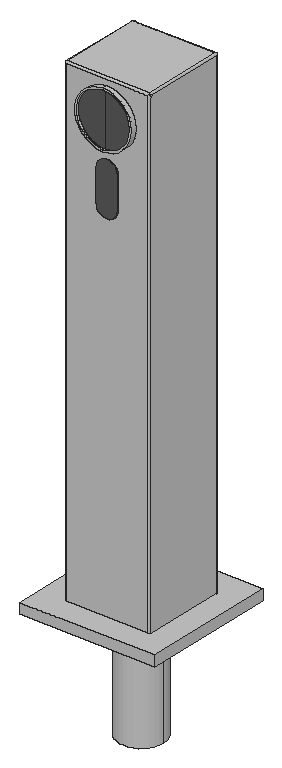
Revit family "Plumbing-Fix_Faucet-Touchless_Stern_Quadrat-L", category Plumbing Fixtures, host Face, Revit 2026
Family settings
  Host = Face
  Round Connector Dimension = Use Diameter
  Part Type = Normal
  Classification Number = 23.45.55.14
  Enable Cutting in Views = No
  Cut with Voids When Loaded = No
  Maintain Annotation Orientation = No
  Shared = No
  Room Calculation Point = No
Parameters (values of type "Model 2030 Battery Pack 0.35 GPM")
  Waste Connection = no
  Warranty Duration (Years) = 2
  WFU = 0
  Vent Connection = no
  Unit Width = 0' - 2 3/8"
  Unit Height = 0' - 0"
  URL = "http://www.sternfaucets.com/"
  Type Comments = "as Specified"
  Standards Conformance = "as Specified"
  Spout Reach = 0' - 0"
  Spout Height = 0' - 2 1/4"
  Specification = ""
  SpecWizard = ""
  Sales Information = "http://www.sternfaucets.com/contact-us/contact-us-int-l.html"
  Revision = "R1_2018-04"
  Product Properties = ""
  Product Features = "as Specified"
  Product Data = "http://www.arcat.com/arcatcos/cos50/arc50092.html"
  Power Supply = "9V Battery"
  Piping_Inlet Diameter = 1/2"
  Piping_Flow = 0 GPM
  Operating Temperature Range = "Up to 149 F / 65 C"
  Operating Pressure Range = "7.26 - 116 PSI  ;  0.5 - 8 bar"
  Model = "Quadrat 2030 B"
  Manufacturer Website = "http://www.sternfaucets.com/"
  Manufacturer Phone - Toll Free = "800-436-4410"
  Manufacturer Phone = ""
  Manufacturer Fax = ""
  Manufacturer Address = "777 Passaic Ave.  Clifton, NJ 07012"
  Manufacturer = "Stern Engineering"
  Maintenance Schedule (Months) = 0
  Keynote = "22 40 00"
  Installation Phase = ""
  HWFU = 1
  HW Connection = yes
  Green Building-LEED = ""
  Fixture Finish [instance] = Finish - Stern - Chrome
  Expected Lifespan (Years) = 0
  Drawn By = "Sumex Design, Inc. / Robert S. Weygant, CSI, CDT, SCIP"
  Description = "Stern Touchless Wall Mounted Faucet - Quadrat 2030 B as Specified"
  Default Elevation = 0' - 0"
  Cost = 0
  Copyright = "©Arcat Inc."
  Construction Details = ""
  CWFU = 1
  CW Connection = yes
  Body Construction = ""
  Available Options = "as Specified"
  Assembly Code = "D2010300"
  Accent Color [instance] = Finish - Stern - Black
Types (20): name | Power Supply | Model | Description
  Model 2030 Battery Pack 0.35 GPM | "9V Battery" | "Quadrat 2030 B" | "Stern Touchless Wall Mounted Faucet - Quadrat 2030 B as Specified"
  Model 2030 Battery Pack 1.58 GPM | "9V Battery" | "Quadrat 2030 B" | "Stern Touchless Wall Mounted Faucet - Quadrat 2030 B as Specified"
  Standard Battery Pack 0.8 GPM | "6x AA Battery Pack" | "Quadrat B" | "Stern Touchless Wall Mounted Faucet - Quadrat B as Specified"
  Model 2030 Battery Pack 0.5 GPM | "9V Battery" | "Quadrat 2030 B" | "Stern Touchless Wall Mounted Faucet - Quadrat 2030 B as Specified"
  Model 2030 Transformer 1.58 GPM | "9V Transformer" | "Quadrat 2030 E" | "Stern Touchless Wall Mounted Faucet - Quadrat 2030 E as Specified"
  Model 2030 Battery Pack 1 GPM | "9V Battery" | "Quadrat 2030 B" | "Stern Touchless Wall Mounted Faucet - Quadrat 2030 B as Specified"
  Standard Battery Pack 0.35 GPM | "6x AA Battery Pack" | "Quadrat B" | "Stern Touchless Wall Mounted Faucet - Quadrat B as Specified"
  Model 2030 Transformer 1 GPM | "9V Transformer" | "Quadrat 2030 E" | "Stern Touchless Wall Mounted Faucet - Quadrat 2030 E as Specified"
  Standard Transformer 0.35 GPM | "9V Transformer" | "Quadrat E" | "Stern Touchless Wall Mounted Faucet - Quadrat E as Specified"
  Model 2030 Battery Pack 0.8 GPM | "9V Battery" | "Quadrat 2030 B" | "Stern Touchless Wall Mounted Faucet - Quadrat 2030 B as Specified"
  Standard Battery Pack 1 GPM | "6x AA Battery Pack" | "Quadrat B" | "Stern Touchless Wall Mounted Faucet - Quadrat B as Specified"
  Standard Transformer 1.58 GPM | "9V Transformer" | "Quadrat E" | "Stern Touchless Wall Mounted Faucet - Quadrat E as Specified"
  Model 2030 Transformer 0.5 GPM | "9V Transformer" | "Quadrat 2030 E" | "Stern Touchless Wall Mounted Faucet - Quadrat 2030 E as Specified"
  Standard Battery Pack 1.58 GPM | "6x AA Battery Pack" | "Quadrat B" | "Stern Touchless Wall Mounted Faucet - Quadrat B as Specified"
  Standard Battery Pack 0.5 GPM | "6x AA Battery Pack" | "Quadrat B" | "Stern Touchless Wall Mounted Faucet - Quadrat B as Specified"
  Model 2030 Transformer 0.8 GPM | "9V Transformer" | "Quadrat 2030 E" | "Stern Touchless Wall Mounted Faucet - Quadrat 2030 E as Specified"
  Standard Transformer 0.5 GPM | "9V Transformer" | "Quadrat E" | "Stern Touchless Wall Mounted Faucet - Quadrat E as Specified"
  Standard Transformer 1 GPM | "9V Transformer" | "Quadrat E" | "Stern Touchless Wall Mounted Faucet - Quadrat E as Specified"
  Standard Transformer 0.8 GPM | "9V Transformer" | "Quadrat E" | "Stern Touchless Wall Mounted Faucet - Quadrat E as Specified"
  Model 2030 Transformer 0.35 GPM | "9V Transformer" | "Quadrat 2030 E" | "Stern Touchless Wall Mounted Faucet - Quadrat 2030 E as Specified"
Reference planes (in)
  plane 1 "Center (Front/Back)": y = 0
  plane 2: z = 0
  plane 3 "Center (Left/Right)": x = 0
  plane 4: z = 8.0625
Forms (in)
  Extrusion 1, solid, material "Finish - Stern - Black" <- "Accent Color"
    sketch origin (0, 0, 0.03125) x (1, 0, 0) y (0, 0, 1)
      loop
        line (-0.1875, 7.1875) -> (-0.1875, 6.625)
        arc (-0.1875, 6.625) -> (0, 6.4375) -> (0.1875, 6.625) r 0.1875
        line (0.1875, 6.625) -> (0.1875, 7.1875)
        arc (0.1875, 7.1875) -> (0, 7.375) -> (-0.1875, 7.1875) r 0.1875
    from 0 to 0.75944
  Extrusion 2, solid, material "Finish - Stern - Chrome" <- "Fixture Finish"
    sketch origin (0, 0, 0) x (1, 0, 0) y (0, 1, 0)
      loop
        circle (0, 0) r 0.39132
    from 0 to -2
  Revolve 3, solid, material "Finish - Stern - Chrome" <- "Fixture Finish"
    sketch origin (0, 0.14844, -0.9375) x (0, 1, 0) y (0, 0, 1)
      loop
        line (-0.53976, 9) -> (-0.53976, 9.5) -> (-0.98763, 9.5) -> (-0.98763, 9.46875) -> (-0.95638, 9.46875) -> (-0.95638, 9) -> (-0.53976, 9)
      axis (-0.98763, 9) -> (-0.53976, 9)
    angle from 0 to 360
  Extrusion 4, solid, material "Finish - Stern - Chrome" <- "Fixture Finish"
    sketch origin (0, 0, 0) x (1, 0, 0) y (0, 1, 0)
      loop
        line (-1.1875, 1.1875) -> (-1.1875, -1.1875) -> (1.1875, -1.1875) -> (1.1875, 1.1875) -> (-1.1875, 1.1875)
    from 0 to 0.1875
  Extrusion 5, solid, material "Finish - Stern - Chrome" <- "Fixture Finish"
    sketch origin (0, 0, 0) x (1, 0, 0) y (0, 1, 0)
      loop
        arc (-0.71875, 0.75) -> (-0.74085, 0.74085) -> (-0.75, 0.71875) r 0.03125
        line (-0.75, 0.71875) -> (-0.75, -0.71875)
        arc (-0.75, -0.71875) -> (-0.74085, -0.74085) -> (-0.71875, -0.75) r 0.03125
        line (-0.71875, -0.75) -> (0.71875, -0.75)
        arc (0.71875, -0.75) -> (0.74085, -0.74085) -> (0.75, -0.71875) r 0.03125
        line (0.75, -0.71875) -> (0.75, 0.71875)
        arc (0.75, 0.71875) -> (0.74085, 0.74085) -> (0.71875, 0.75) r 0.03125
        line (0.71875, 0.75) -> (-0.71875, 0.75)
    from 0 to 8.6875
  Sweep 6, void
    path origin (0, 0, 0) x (1, 0, 0) y (0, 1, 0)
      loop
        line (-0.75, 0.75) -> (-0.75, -0.75) -> (0.75, -0.75) -> (0.75, 0.75) -> (-0.75, 0.75)
    profile origin (0, 0.75, 0) x (0, 1, 0) y (0, 0, 1)
      loop
        line (0, 8.6875) -> (-0.03125, 8.6875)
        arc (-0.03125, 8.6875) -> (-0.00915, 8.67835) -> (0, 8.65625) r 0.03125
        line (0, 8.65625) -> (0, 8.6875)
Cuts and joins
  Sweep 6 cuts Extrusion 5
Dimensions and locks (in)
  aligned and locked: plane 2 to host face
  aligned and locked: level to host face
Connectors (in)
  piping at (0, 0, -2), diameter 0.5, driven by "Piping_Flow", driven by "Piping_Inlet Diameter"
    settings: on Extrusion 2, index 2, connector inside diameter 24", connector length 0' - 0", flow factor 0, pipe flow 0 GPM, pressure drop 0.00 psi, fitting loss kfactor 0, connector angle 0.00°, fixture units 0, engagement length 0' - 0", angle of deflection 0.00°, flow configuration 0, flow direction 1, fitting loss method 0, system type 22, joint type 0, gender type 0, connector reference index -1, connector utility 0, adjustable connector no, is connector primary yes, connector description "Tempered Inlet"
  electrical at (0, 0, 0)
    settings: on Extrusion 4, index 3, voltage 0 V, apparent load 0 VA, apparent load phase1 0 VA, apparent load phase2 0 VA, apparent load phase3 0 VA, power factor 1, load classification "Other", number of poles 1, system type 13, power factor state 1, is connector primary yes, connector utility no, sub classification motor no, connector description ""
